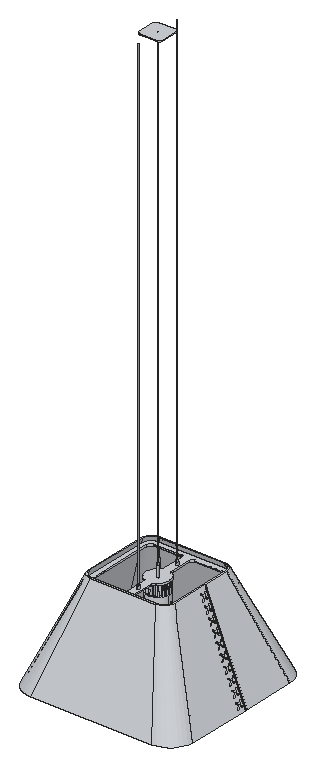
Revit family "BuzziSpace - BuzziShade - Square", category Lighting Fixtures, host Ceiling, Revit 2019 (continued)
Definition of nested family "BuzziShade Light Frame"
  Definition of nested family "Light Source"
    Forms (in)
      Blend 2, solid, material <- "Metal Housing", visible <- "Heatsink"
        base sketch origin (0, 0, -4.37109) x (1, 0, 0) y (0, 1, 0)
          loop
            line (1.74044, -0.91971) -> (1.3635, -0.60342)
            arc (1.3635, -0.60342) -> (1.41521, -0.46949) -> (1.4538, -0.33121) r 1.49105
            line (1.4538, -0.33121) -> (1.92579, -0.41444) -> (1.9514, -0.26922) -> (1.47941, -0.18599)
            arc (1.47941, -0.18599) -> (1.49105, 0) -> (1.47941, 0.18599) r 1.49105
            line (1.47941, 0.18599) -> (1.9514, 0.26922) -> (1.92579, 0.41444) -> (1.4538, 0.33121)
            arc (1.4538, 0.33121) -> (1.40113, 0.50997) -> (1.32658, 0.68076) r 1.49105
            line (1.32658, 0.68076) -> (1.74164, 0.9204) -> (1.66791, 1.0481) -> (1.25285, 0.80847)
            arc (1.25285, 0.80847) -> (1.14221, 0.95843) -> (1.01374, 1.09342) r 1.49105
            line (1.01374, 1.09342) -> (1.32181, 1.46057) -> (1.20885, 1.55535) -> (0.90078, 1.18821)
            arc (0.90078, 1.18821) -> (0.74553, 1.29129) -> (0.57863, 1.3742) r 1.49105
            line (0.57863, 1.3742) -> (0.74255, 1.82457) -> (0.60398, 1.87501) -> (0.44006, 1.42463)
            arc (0.44006, 1.42463) -> (0.30101, 1.46035) -> (0.15918, 1.48253) r 1.49105
            line (0.15918, 1.48253) -> (0.07373, 1.96712)
            arc (0.07373, 1.96712) -> (0, 1.9685) -> (-0.07373, 1.96712) r 1.9685
            line (-0.07373, 1.96712) -> (-0.15918, 1.48253)
        top sketch origin (0, 0, -4.37109) x (1, 0, 0) y (0, 1, 0)
          loop
            line (-0.68157, 1.81317) -> (-0.51635, 1.35923)
            arc (-0.51635, 1.35923) -> (-0.72709, 1.25916) -> (-0.91912, 1.12669) r 1.45418
            line (-0.91912, 1.12669) -> (-1.22964, 1.49675) -> (-1.26068, 1.4707) -> (-0.95016, 1.10064)
            arc (-0.95016, 1.10064) -> (-1.11397, 0.93453) -> (-1.24911, 0.74437) r 1.45418
            line (-1.24911, 0.74437) -> (-1.66747, 0.98591) -> (-1.68773, 0.95082) -> (-1.26937, 0.70928)
            arc (-1.26937, 0.70928) -> (-1.36649, 0.49716) -> (-1.42844, 0.27225) r 1.45418
            line (-1.42844, 0.27225) -> (-1.90417, 0.35613) -> (-1.91121, 0.31623) -> (-1.43547, 0.23234)
            arc (-1.43547, 0.23234) -> (-1.45418, -0.0002) -> (-1.43547, -0.23274) r 1.45418
            line (-1.43547, -0.23274) -> (-1.91121, -0.31662) -> (-1.90417, -0.35653) -> (-1.42844, -0.27264)
            arc (-1.42844, -0.27264) -> (-1.38194, -0.45286) -> (-1.3128, -0.62567) r 1.45418
            line (-1.3128, -0.62567) -> (-1.71874, -0.96629) -> (-1.69603, -1.00562) -> (-1.19807, -0.82438)
            arc (-1.19807, -0.82438) -> (-1.08299, -0.97066) -> (-0.95016, -1.10104) r 1.45418
            line (-0.95016, -1.10104) -> (-1.26068, -1.4711) -> (-1.22964, -1.49714) -> (-0.91912, -1.12708)
            arc (-0.91912, -1.12708) -> (-0.72709, -1.25956) -> (-0.51635, -1.35962) r 1.45418
            line (-0.51635, -1.35962) -> (-0.68157, -1.81357) -> (-0.6435, -1.82743) -> (-0.47827, -1.37348)
            arc (-0.47827, -1.37348) -> (-0.25252, -1.43229) -> (-0.02026, -1.45424) r 1.45418
            line (-0.02026, -1.45424) -> (-0.02026, -1.93732) -> (0.02026, -1.93732) -> (0.02026, -1.45424)
            arc (0.02026, -1.45424) -> (0.25252, -1.43229) -> (0.47827, -1.37348) r 1.45418
            line (0.47827, -1.37348) -> (0.6435, -1.82743) -> (0.68157, -1.81357) -> (0.51635, -1.35962)
            arc (0.51635, -1.35962) -> (0.72709, -1.25956) -> (0.91912, -1.12708) r 1.45418
            line (0.91912, -1.12708) -> (1.22964, -1.49714) -> (1.26068, -1.4711) -> (0.95016, -1.10104)
            arc (0.95016, -1.10104) -> (1.08299, -0.97066) -> (1.19807, -0.82438) r 1.45418
            line (1.19807, -0.82438) -> (1.69603, -1.00562) -> (1.71874, -0.96629) -> (1.3128, -0.62567)
            arc (1.3128, -0.62567) -> (1.38194, -0.45286) -> (1.42844, -0.27264) r 1.45418
            line (1.42844, -0.27264) -> (1.90417, -0.35653) -> (1.91121, -0.31662) -> (1.43547, -0.23274)
            arc (1.43547, -0.23274) -> (1.45418, -0.0002) -> (1.43547, 0.23234) r 1.45418
            line (1.43547, 0.23234) -> (1.91121, 0.31623) -> (1.90417, 0.35613) -> (1.42844, 0.27225)
            arc (1.42844, 0.27225) -> (1.36649, 0.49716) -> (1.26937, 0.70928) r 1.45418
            line (1.26937, 0.70928) -> (1.68773, 0.95082) -> (1.66747, 0.98591) -> (1.24911, 0.74437)
            arc (1.24911, 0.74437) -> (1.11397, 0.93453) -> (0.95016, 1.10064) r 1.45418
            line (0.95016, 1.10064) -> (1.26068, 1.4707) -> (1.22964, 1.49675) -> (0.91912, 1.12669)
            arc (0.91912, 1.12669) -> (0.72709, 1.25916) -> (0.51635, 1.35923) r 1.45418
            line (0.51635, 1.35923) -> (0.68157, 1.81317) -> (0.6435, 1.82703) -> (0.47827, 1.37308)
            arc (0.47827, 1.37308) -> (0.29895, 1.42292) -> (0.11473, 1.44945) r 1.45418
            line (0.11473, 1.44945) -> (0.02271, 1.97132)
            arc (0.02271, 1.97132) -> (0, 1.97145) -> (-0.02271, 1.97132) r 1.97165
            line (-0.02271, 1.97132) -> (-0.11473, 1.44945)
            arc (-0.11473, 1.44945) -> (-0.29895, 1.42292) -> (-0.47827, 1.37308) r 1.45418
            line (-0.47827, 1.37308) -> (-0.6435, 1.82703) -> (-0.68157, 1.81317)
        from 14.56641 to 16.53516
      Revolve 3, solid, material <- "Glass", visible <- "Globe"
        sketch origin (0, 0, -4.37109) x (1, 0, 0) y (0, 0, 1)
          loop
            arc (-1.9514, 14.56641) -> (-2.74785, 11.3245) -> (0, 9.42883) r 2.93939
            line (0, 9.42883) -> (0, 9.54017)
            arc (0, 9.54017) -> (-2.63572, 11.34312) -> (-1.91076, 14.45313) r 2.82805
            line (-1.91076, 14.45313) -> (0, 14.45313) -> (0, 14.56641) -> (-1.9514, 14.56641)
          axis (0, 14.56641) -> (0, 9.42883)
        angle from 0 to 360
      Revolve 4, solid, material <- "Metal Housing", visible <- "Retrofit"
        sketch origin (0, 0, -4.37137) x (0, 1, 0) y (0, 0, 1)
          loop
            line (0, 16.53543) -> (0, 16.47293) -> (0.82333, 16.47293) -> (0.82333, 14.09449) -> (0.88583, 14.09449) -> (0.88583, 16.45426)
            arc (0.88583, 16.45426) -> (0.86205, 16.51166) -> (0.80465, 16.53543) r 0.08117
            line (0.80465, 16.53543) -> (0, 16.53543)
          axis (0, 16.53543) -> (0, 14.09449)
        angle from 0 to 360
      Revolve 5, solid, material <- "Glass", visible <- "Retrofit"
        sketch origin (0, 0, 12.16406) x (1, 0, 0) y (0, 0, 1)
          loop
            line (0, -1.04122) -> (-0.18388, -1.04122) -> (-0.50358, -1.39628) -> (-0.50358, -2.2405) -> (-0.68036, -2.41727)
            arc (-0.68036, -2.41727) -> (-0.67096, -2.69354) -> (-0.68026, -2.96982) r 4.08786
            arc (-0.68026, -2.96982) -> (-0.69868, -3.10227) -> (-0.73557, -3.23081) r 0.9468
            arc (-0.73557, -3.23081) -> (-0.79055, -3.35352) -> (-0.86236, -3.46719) r 0.9468
            arc (-0.86236, -3.46719) -> (-1.00294, -3.69905) -> (-1.10004, -3.95221) r 1.51844
            arc (-1.10004, -3.95221) -> (-1.16074, -4.24035) -> (-1.1811, -4.53411) r 2.129
            arc (-1.1811, -4.53411) -> (-0.83517, -5.36927) -> (0, -5.71521) r 1.1811
            line (0, -5.71521) -> (0, -1.04122)
          axis (0, -1.04122) -> (0, -5.71521)
        angle from 0 to 360
      Revolve 6, solid, material <- "Reflector", visible <- "Spot"
        sketch origin (0, 0, -4.37109) x (1, 0, 0) y (0, 0, 1)
          loop
            line (-1.41339, 12.45276) -> (-1.34869, 12.45276)
            arc (-1.34869, 12.45276) -> (-1.05794, 13.46178) -> (-0.53525, 14.37252) r 4.37733
            line (-0.53525, 14.37252) -> (-0.30009, 14.44488) -> (-1.88983, 14.44488) -> (-1.88983, 12.40158) -> (-1.41339, 12.40158) -> (-1.41339, 12.45276)
          axis (0, 14.44488) -> (0, 12.40158)
        angle from 0 to 360
    Dimensions and locks (in)
      aligned and locked: level to plane 2
Types (6): name | Width Toggle | Solo Cable Adjustment | Medium | Light Toggle | Mounting Suspension Length | Beam
  Retrofit Medium | 1 | 0' - 0.90639" | yes | 1 | 7' - 1 57/64" | no
  Globe Medium | 1 | 0' - 0.90639" | yes | 2 | 7' - 1 57/64" | no
  Spot Medium | 1 | 0' - 0 13/16" | yes | 3 | 7' - 1 57/64" | no
  Retrofit Beam | 2 | 0' - 0 13/16" | no | 1 | 7' - 2 7/8" | yes
  Spot Beam | 2 | 0' - 0 13/16" | no | 3 | 7' - 2 7/8" | yes
  Globe Beam | 2 | 0' - 0 13/16" | no | 2 | 7' - 2 7/8" | yes
